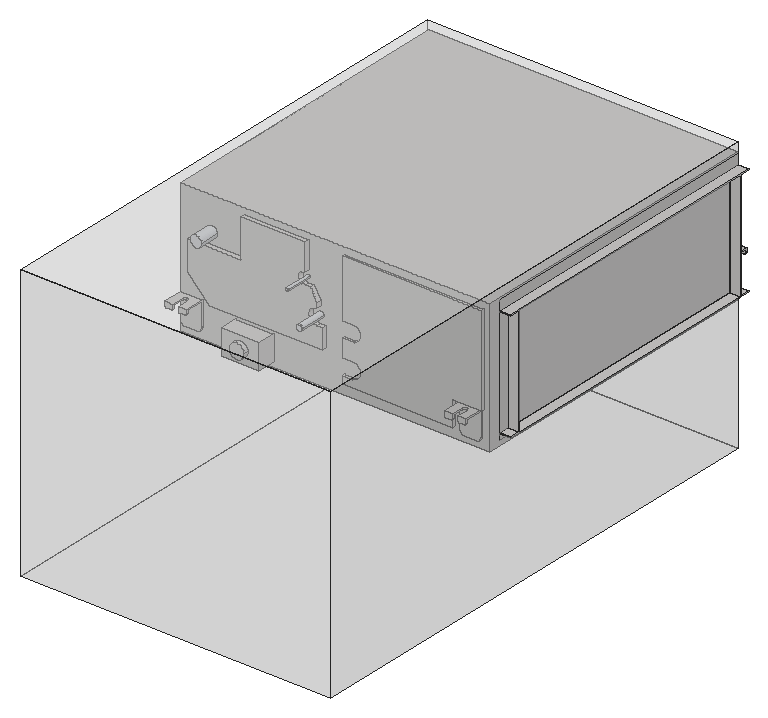
Revit family "outputfile", category 機械設備, Revit 2024
Family settings
  丸型コネクタ寸法 = 半径を使用
  パーツ タイプ = 標準
  OmniClass 番号 = 23.75.10.24.21.27.27
  OmniClass タイトル = Split System Air Conditioning Units
  作業面ベース = いいえ
  常に垂直 = はい
  ロード時にボイドで切り取り = いいえ
  注釈の向きを維持 = いいえ
  共有 = いいえ
  部屋計算ポイント = はい
Parameters (values of type "FXMQ40PAVE")
  Description = ""
  製造元 = "Daikin"
  書き出し IFC クラス(タイプ) = "IfcUnitaryEquipmentType"
  定義済み IFC タイプ(タイプ) = "AIRCONDITIONINGUNIT"
  Cost = 0
  モデル = "FXMQ40PAVE"
  Type Comments = ""
  Keynote = ""
  Type Image = (empty or 0)
  Assembly Code = ""
  r_Liquid Pipe Size = Liquid Pipe Size / 2  # 3.2 mm
  r_Gas Pipe Size = Gas Pipe Size / 2  # 6.35 mm
  r_Drain Pipe Size = Drain Pipe Size / 2  # 12.5 mm
  lw_power = 396.0 mm  # constant formula
  lh_SA = 165.0 mm  # constant formula
  lw_SA = if(Depth = 550.0 mm, 210.0 mm, if(Depth = 700.0 mm, 285.0 mm, if(Depth = 1000.0 mm, 435.0 mm, 635.0 mm)))  # 285.0 mm
  lw_RA = if(Depth = 550.0 mm, 288.0 mm, if(Depth = 700.0 mm, 363.0 mm, if(Depth = 1000.0 mm, 513.0 mm, 713.0 mm)))  # 363.0 mm
  lh_power = 60.0 mm + [h***]  # 60.0 mm
  lh_mountinghole1 = lh_mountinghole + [h***]  # 80.0 mm
  lh_RA = 150.0 mm  # constant formula
  ld_power = Depth / 2  # 350.0 mm
  Voltage_comment_60Hz = "220"
  Voltage_comment_50Hz = "220-240"
  Voltage_60Hz = 220 V
  Voltage_50Hz = 220 V
  URL = ""
  Supply Air Direction [instance] = yes
  Sound Power Level_H speed (dB) = 57
  Phase_60Hz = 1
  Phase_50Hz = 1
  Minimum External Static Pressure = 30.00 Pa
  Minimum Circuit Amps_60Hz = 1.4 A
  Minimum Circuit Amps_50Hz = 1.4 A
  Maximum Fuse Amps_60Hz = 16.0 A
  Maximum Fuse Amps_50Hz = 16.0 A
  Maximum External Static Pressure = 160.00 Pa
  Material_Casing = DAIKIN_GalvanizedSteel_Casing_indoorunit
  lw_mountinghole = 631.0 mm  # constant formula
  lh_gaspipe = 144.0 mm + [h***]  # 144.0 mm
  lh_mountinghole = 80.0 mm  # constant formula
  lh_liquidpipe = 212.0 mm + [h***]  # 212.0 mm
  lh_drainpipe = 232.0 mm + [h***]  # 232.0 mm
  lh_antena = Height - lh_mountinghole + 1.0 mm  # 221.0 mm
  ld_drainpipe = Depth / 2 + 54.0 mm  # 404.0 mm
  ld_liquidpipe = 410.0 mm
  ld_gaspipe = 410.0 mm
  ld_mountinghole = Depth + 38.0 mm  # 738.0 mm
  h*** = 0.0 mm  # constant formula
  lw_liquidpipe = 290.0 mm  # constant formula
  lw_gaspipe = 318.0 mm  # constant formula
  lw_drainpipe = 80.0 mm  # constant formula
  Width = 700.0 mm
  Version = "ver.1.0"
  Unit Type = "Middle-High Static Pressure Duct Type"
  Unit Mass Weight = 27.00 kg
  Unit Designation [instance] = ""
  Uniclass2015Version = "Products v1.30"
  Uniclass2015Title = "Variable refrigerant flow units"
  Uniclass2015Code = "Pr_70_65_03_94"
  Total Heating Capacity [instance] = 0.000 kW
  Total Cooling Capacity [instance] = 0.000 kW
  Sound Pressure Level_M speed (dBA) = 0
  Sound Pressure Level_L speed (dBA) = 35
  Sound Pressure Level_H speed (dBA) = 39
  Series = "VRV Fan Coil Unit"
  Sensible Cooling Capacity [instance] = 0.000 kW
  SA Duct Size Width = if(Depth = 550.0 mm, 310.0 mm, if(Depth = 700.0 mm, 460.0 mm, if(Depth = 1000.0 mm, 760.0 mm, 1160.0 mm)))  # 460.0 mm
  SA Duct Size Height = 215.0 mm
  Refrigerant Type = "R410A"
  RA Duct Size Width = if(Depth = 550.0 mm, 475.0 mm, if(Depth = 700.0 mm, 625.0 mm, if(Depth = 1000.0 mm, 925.0 mm, 1325.0 mm)))  # 625.0 mm
  RA Duct Size Height = 247.0 mm
  Power Input (Heating) = 0.182 kW
  Power Input (Cooling) = 0.194 kW
  Option Accessory 3 [instance] = ""
  Option Accessory 2 [instance] = ""
  Option Accessory 1 [instance] = ""
  Nominal Heating Capacity = 5.000 kW
  Nominal Cooling Capacity = 4.500 kW
  Minimum Airflow = 660.00 m³/h
  Median Airflow = 780.00 m³/h
  Maximum Airflow = 960.00 m³/h
  Load Classification = HVAC
  Liquid Pipe Size = 6.4 mm
  Link_Nested Family [instance] = ""
  IfcVersion = "0"
  IfcExportType = "AIRCONDITIONINGUNIT"
  IfcExportAs = "IfcUnitaryEquipmentType"
  Height = 300.0 mm
  Heating Entering Wet Bulb Temperature [instance] = 0.00 °C
  Heating Entering Dry Bulb Temperature [instance] = 0.00 °C
  Heating Ambient Wet Bulb Temperature [instance] = 0.00 °C
  Heating Ambient Dry Bulb Temperature [instance] = 0.00 °C
  Heat Exchanger Type = "Cross Fin Coil"
  Gas Pipe Size = 12.7 mm
  Frequency_60Hz = 60 Hz
  Frequency_50Hz = 50 Hz
  Fan Type = "Sirocco Fan"
  Fan Drive = "Direct Drive"
  FCU Tag No. [instance] = ""
  Drain Pipe Size = 25.0 mm
  Design Supply Airflow [instance] = 0.00 m³/h
  Design Return Airflow [instance] = 0.00 m³/h
  Design External Static Pressure [instance] = 0.00 Pa
  Depth = 700.0 mm
  既定の高さ = 0.0 mm
  Cooling Entering Wet Bulb Temperature [instance] = 0.00 °C
  Cooling Entering Dry Bulb Temperature [instance] = 0.00 °C
  Cooling Ambient Wet Bulb Temperature [instance] = 0.00 °C
  Cooling Ambient Dry Bulb Temperature [instance] = 0.00 °C
  Clearance visibility [instance] = yes
  Clearance Top = 20.0 mm
  Clearance Right = 0.0 mm
  Clearance Rear = 0.0 mm
  Clearance Left = 0.0 mm
  Clearance Front = 450.0 mm
  Clearance Bottom = 300.0 mm
Reference planes
  plane 1 "Center (Front/Back)": y = 0
  plane 2 "h": z = 0
  plane 3 "Center (Left/Right)": x = 0
  plane 4 "Back": y = 350
  plane 5 "Front": y = -350
  plane 6 "Left": x = -350
  plane 7 "Reight": x = 350
  plane 8 "Top": z = 0
  plane 9 "Bottom": z = -300
  plane 10: y = -215
  plane 11: y = 350
  plane 12: y = -800
  plane 13: x = -350
  plane 14: x = 350
  plane 15: z = 20
  plane 16: z = -600
  plane 17: x = -350
  plane 18: z = -135
  plane 19: x = -349
  plane 20: x = 349
  plane 21: y = 65
  plane 22: y = 13
  plane 23: z = -150
  plane 24: y = -360.8
  plane 25: z = -14
  plane 26: z = -219
  plane 27: x = -324
  plane 28: x = -60
  plane 29: x = -20
  plane 30: z = -156
  plane 31: x = -32
  plane 32: z = -88
  plane 33: x = 23
  plane 34: x = 335
  plane 35: z = -15.8
  plane 36: z = -274.8
  plane 37: z = -219.8
  plane 38: x = 271
  plane 39: x = -223.3
  plane 40: x = -138.3
  plane 41: z = -232.7
  plane 42: z = -288.5
  plane 43: y = -391
  plane 44: x = -181
  plane 45: z = -260
  plane 46: y = -401
  plane 47: z = -163.8
  plane 48: z = -239.8
  plane 49: x = 46
  plane 50: z = -88
  plane 51: x = -60
  plane 52: y = -410
  plane 53: z = -156
  plane 54: x = -32
  plane 55: y = -404
  plane 56: z = -68
  plane 57: x = -270
  plane 58: x = -270
  plane 59: x = -60
  plane 60: x = -32
  plane 61: x = 46
  plane 62: x = -323
  plane 63: x = 308
  plane 64: y = -369
  plane 65: y = 369
  plane 66: z = -220
  plane 67: y = -356
  plane 68: x = -204
  plane 69: z = -100.2
  plane 70: x = -374
  plane 71: x = 374
Forms (mm)
  Extrusion 1, solid, material "DAIKIN_GalvanizedSteel_Casing_indoorunit" <- "Material_Casing"
    sketch origin (0, 0, 0) x (1, 0, 0) y (0, 1, 0)
      loop
        line (-349, 350) -> (-349, -350) -> (349, -350) -> (349, 350) -> (-349, 350)
    from -300 to 0
  Extrusion 2, solid, material "DAIKIN_GalvanizedSteel_Casing_indoorunit" <- "Material_Casing"
    sketch origin (0, 0, 0) x (1, 0, 0) y (0, 0, 1)
      loop
        line (-324, -100.2) -> (-324, -168) -> (-273, -219) -> (-20, -219) -> (-20, -173.5) -> (-32, -173.5)
        arc (-32, -173.5) -> (-49.5, -156) -> (-32, -138.5) r 17.5
        line (-32, -138.5) -> (-32, -127.5) -> (-47, -101) -> (-60, -101)
        arc (-60, -101) -> (-73, -88) -> (-60, -75) r 13
        line (-60, -75) -> (-60, -14) -> (-204, -14) -> (-204, -100.2) -> (-324, -100.2)
    from 350 to 360.8
  Extrusion 3, solid, material "DAIKIN_GalvanizedSteel_Casing_indoorunit" <- "Material_Casing"
    sketch origin (0, 0, 0) x (1, 0, 0) y (0, 0, 1)
      loop
        line (23, -274.8) -> (271, -274.8) -> (271, -219.8) -> (335, -219.8) -> (335, -15.8) -> (23, -15.8) -> (23, -146.3) -> (46, -146.3)
        arc (46, -146.3) -> (63.5, -163.8) -> (46, -181.3) r 17.5
        line (46, -181.3) -> (23, -181.3) -> (23, -222.3) -> (46, -222.3)
        arc (46, -222.3) -> (63.5, -239.8) -> (46, -257.3) r 17.5
        line (46, -257.3) -> (23, -257.3) -> (23, -274.8)
    from 350 to 356
  Extrusion 4, solid, material "DAIKIN_GalvanizedSteel_Casing_indoorunit" <- "Material_Casing"
    sketch origin (0, 0, 0) x (1, 0, 0) y (0, 0, 1)
      loop
        line (-223.3, -232.7) -> (-223.3, -288.5) -> (-138.3, -288.5) -> (-138.3, -232.7) -> (-223.3, -232.7)
    from 350 to 391
  Extrusion 5, solid, material "DAIKIN_GalvanizedSteel_Casing_indoorunit" <- "Material_Casing"
    sketch origin (0, 0, 0) x (1, 0, 0) y (0, 0, 1)
      loop
        circle (-181, -260) r 16.5
    from 391 to 401
  Extrusion 6, solid
    sketch origin (0, 0, 0) x (1, 0, 0) y (0, 0, 1)
      loop
        circle (-60, -88) r 3.2
    from 350 to 410
  Extrusion 7, solid
    sketch origin (0, 0, 0) x (1, 0, 0) y (0, 0, 1)
      loop
        circle (-32, -156) r 6.35
    from 350 to 410
  Extrusion 8, solid
    sketch origin (0, 0, 0) x (1, 0, 0) y (0, 0, 1)
      loop
        circle (-270, -68) r 12.5
    from 360.8 to 404
Dimensions and locks
  "Height": plane 8 "Top" to plane 9 "Bottom"
  equal spacing: plane 4 "Back", plane 1 "Center (Front/Back)", plane 5 "Front"
  "Depth": plane 4 "Back" to plane 5 "Front"
  equal spacing: plane 6 "Left", plane 3 "Center (Left/Right)", plane 7 "Reight"
  "Width": plane 6 "Left" to plane 7 "Reight"
  "Clearance Left": plane 13 to plane 6 "Left"
  "Clearance Right": plane 7 "Reight" to plane 14
  "Clearance Rear": plane 11 to plane 4 "Back"
  "Clearance Front": plane 5 "Front" to plane 12
  "Clearance Top": plane 15 to plane 8 "Top"
  "Clearance Bottom": plane 9 "Bottom" to plane 16
  "lh_SA": plane 18 to plane 9 "Bottom"
  locked: plane 17 to plane 19 at 1
  locked: plane 20 to plane 14 at 1
  "lw_SA": plane 11 to plane 21
  "lw_RA": plane 22 to plane 5 "Front"
  "lh_RA": plane 23 to plane 9 "Bottom"
  locked: plane 5 "Front" to plane 24 at 10.8
  plane 29 to plane 28 to plane 27 to plane 6 "Left" = 40.0 mm, 264.0 mm, 26.0 mm
  locked: plane 31 to plane 6 "Left" at 318
  plane 34 to plane 33 to plane 6 "Left" = 312.0 mm locked, 373.0 mm locked
  locked: plane 34 to plane 38 at 64
  locked: plane 37 to plane 36 at 55
  plane 40 to plane 39 to plane 6 "Left" = 85.0 mm locked, 126.7 mm locked
  locked: plane 5 "Front" to plane 43 at 41
  locked: plane 44 to plane 6 "Left" at 169
  locked: plane 43 to plane 46 at 10
  plane 47 to plane 48 to plane 36 = 76.0 mm locked, 35.0 mm locked
  locked: plane 49 to plane 33 at 23
  "lw_liquidpipe": plane 51 to plane 6 "Left"
  "lh_liquidpipe": plane 50 to plane 9 "Bottom"
  "lh_gaspipe": plane 53 to plane 9 "Bottom"
  "lw_gaspipe": plane 54 to plane 6 "Left"
  "ld_gaspipe": plane 52 to plane 1 "Center (Front/Back)"
  "ld_drainpipe": plane 55 to plane 1 "Center (Front/Back)"
  "lh_drainpipe": plane 56 to plane 9 "Bottom"
  "lw_drainpipe": plane 57 to plane 6 "Left"
  "lw_drainpipe": plane 6 "Left" to plane 58
  "lw_liquidpipe": plane 6 "Left" to plane 59
  "lw_gaspipe": plane 6 "Left" to plane 60
  "lw_power": plane 6 "Left" to plane 61
  plane 17 to plane 62 = 27.0 mm
  "lw_mountinghole": plane 62 to plane 63
  equal spacing: plane 64, plane 1 "Center (Front/Back)", plane 65
  "ld_mountinghole": plane 65 to plane 64
  "lh_mountinghole": plane 66 to plane 9 "Bottom"
  plane 8 "Top" to plane 41 to plane 42 = 232.7 mm locked, 55.8 mm locked
  locked: plane 8 "Top" to plane 45 at 260
  plane 8 "Top" to plane 25 to plane 26 = 14.0 mm locked, 205.0 mm locked
  plane 8 "Top" to plane 32 to plane 30 = 88.0 mm locked, 68.0 mm locked
  plane 8 "Top" to plane 35 to plane 36 = 15.8 mm locked, 259.0 mm locked
  locked: plane 5 "Front" to plane 67 at 6
  locked: plane 25 to plane 69 at 86.2
  locked: plane 27 to plane 68 at 120
  locked: plane 70 to plane 6 "Left" at 24
  locked: plane 14 to plane 71 at 24
  "r_Liquid Pipe Size": radius of Extrusion 6 sketch curve
  "r_Gas Pipe Size": radius of Extrusion 7 sketch curve
  "r_Drain Pipe Size": radius of Extrusion 8 sketch curve
  aligned and locked: level to plane 2 "h"
  aligned and locked: plane 8 "Top" to Extrusion 1
  aligned and locked: Extrusion 1 to plane 9 "Bottom"
  aligned and locked: nested 5 to plane 12
  aligned and locked: plane 13 to nested 5
  aligned and locked: plane 14 to nested 5
  aligned and locked: nested 5 to plane 13
  aligned and locked: plane 11 to nested 5
  aligned and locked: plane 15 to nested 5
  aligned and locked: plane 16 to nested 5
  aligned and locked: plane 5 "Front" to Extrusion 1 sketch curve
  aligned and locked: Extrusion 1 to plane 19
  aligned and locked: plane 20 to Extrusion 1
  aligned and locked: nested 7 to plane 19
  aligned and locked: nested 7 to plane 21
  aligned and locked: plane 18 to nested 7
  aligned and locked: plane 20 to nested 8
  aligned and locked: plane 22 to nested 8
  aligned and locked: plane 23 to nested 8
  aligned and locked: Extrusion 2 to plane 24
  aligned and locked: plane 5 "Front" to Extrusion 2
  aligned and locked: plane 36 to Extrusion 3 sketch curve
  aligned and locked: plane 38 to Extrusion 3 sketch curve
  aligned and locked: plane 37 to Extrusion 3 sketch curve
  aligned and locked: Extrusion 3 sketch curve to plane 34
  aligned and locked: Extrusion 3 sketch curve to plane 35
  aligned and locked: Extrusion 3 sketch curve to plane 33
  aligned and locked: plane 5 "Front" to Extrusion 3
  aligned and locked: Extrusion 4 sketch curve to plane 41
  aligned and locked: Extrusion 4 sketch curve to plane 39
  aligned and locked: plane 42 to Extrusion 4 sketch curve
  aligned and locked: plane 40 to Extrusion 4 sketch curve
  aligned and locked: Extrusion 4 to plane 43
  aligned and locked: plane 5 "Front" to Extrusion 4
  aligned and locked: Extrusion 5 sketch curve to plane 44
  aligned and locked: plane 45 to Extrusion 5 sketch curve
  aligned and locked: Extrusion 5 to plane 46
  aligned and locked: plane 43 to Extrusion 5
  aligned and locked: Extrusion 6 sketch curve to plane 51
  aligned and locked: plane 50 to Extrusion 6 sketch curve
  aligned and locked: Extrusion 6 to plane 52
  aligned and locked: plane 5 "Front" to Extrusion 6
  aligned and locked: Extrusion 7 sketch curve to plane 54
  aligned and locked: plane 53 to Extrusion 7 sketch curve
  aligned and locked: Extrusion 7 to Extrusion 6
  aligned and locked: plane 5 "Front" to Extrusion 7
  aligned and locked: Extrusion 8 sketch curve to plane 57
  aligned and locked: plane 56 to Extrusion 8 sketch curve
  aligned and locked: Extrusion 8 to plane 55
  aligned and locked: plane 24 to Extrusion 8
  aligned and locked: nested 3 to plane 55
  aligned and locked: plane 58 to nested 3
  aligned and locked: nested 2 to plane 59
  aligned and locked: nested 2 to plane 52
  aligned and locked: nested 1 to plane 60
  aligned and locked: Extrusion 7 to plane 52
  aligned and locked: nested 1 to plane 52
  aligned and locked: nested 6 to plane 5 "Front"
  aligned and locked: nested 6 to plane 61
  aligned and locked: plane 62 to nested 10
  aligned and locked: nested 10 to plane 5 "Front"
  aligned and locked: plane 63 to nested 9
  aligned and locked: nested 9 to plane 5 "Front"
  aligned and locked: nested 11 to plane 62
  aligned and locked: plane 4 "Back" to nested 11
  aligned and locked: nested 12 to plane 63
  aligned and locked: plane 4 "Back" to nested 12
  aligned and locked: plane 66 to nested 10
  aligned and locked: plane 66 to nested 11
  aligned and locked: plane 66 to nested 9
  aligned and locked: plane 66 to nested 12
  aligned and locked: plane 62 to nested 14
  aligned and locked: nested 14 to plane 65
  aligned and locked: plane 63 to nested 13
  aligned and locked: nested 13 to plane 65
  aligned and locked: plane 63 to nested 16
  aligned and locked: plane 64 to nested 16
  aligned and locked: plane 64 to nested 15
  aligned and locked: plane 62 to nested 15
  aligned and locked: Extrusion 3 to plane 67
  aligned and locked: Extrusion 2 sketch curve to plane 68
  aligned and locked: plane 69 to Extrusion 2 sketch curve
  aligned and locked: nested 17 to plane 21
  aligned and locked: nested 17 to plane 70
  aligned and locked: plane 18 to nested 17
  aligned and locked: plane 22 to nested 18
  aligned and locked: plane 71 to nested 18
  aligned and locked: nested 18 to plane 23
  aligned and locked: nested 4 to plane 3 "Center (Left/Right)"
  aligned and locked: plane 1 "Center (Front/Back)" to nested 4
  aligned and locked: level to plane 8 "Top"
Automatic sketch dimensions
  plane 6 "Left" to Extrusion 1 sketch curve = 1.0 mm
  Extrusion 1 sketch curve to plane 7 "Reight" = 1.0 mm
  Extrusion 1 sketch curve to plane 4 "Back" = 0.0 mm
  Extrusion 3 sketch curve to plane 33 = 0.0 mm  (x2)
  Extrusion 3 sketch curve to plane 47 = 0.0 mm
  Extrusion 3 sketch curve to plane 49 = 0.0 mm  (x4)
  Extrusion 3 sketch curve to plane 48 = 0.0 mm
  Extrusion 3 sketch curve to plane 37 = 2.5 mm
  plane 23 to Extrusion 3 sketch curve = 3.7 mm
  plane 27 to Extrusion 2 sketch curve = 0.0 mm
  Extrusion 2 sketch curve to plane 26 = 0.0 mm
  Extrusion 2 sketch curve to plane 28 = 0.0 mm
  Extrusion 2 sketch curve to plane 31 = 0.0 mm
  Extrusion 2 sketch curve to plane 29 = 0.0 mm
  Extrusion 2 sketch curve to plane 30 = 0.0 mm
  Extrusion 2 sketch curve to plane 32 = 0.0 mm
  Extrusion 2 sketch curve to plane 25 = 0.0 mm
  Extrusion 2 sketch curve to Extrusion 2 sketch curve = 13.0 mm
  Extrusion 2 sketch curve to Extrusion 2 sketch curve = 17.5 mm
  plane 18 to Extrusion 2 sketch curve = 7.5 mm
  Extrusion 2 sketch curve to plane 58 = 3.0 mm
  Extrusion 2 sketch curve to plane 30 = 12.0 mm
  Extrusion 2 sketch curve to Extrusion 2 sketch curve = 0.8 mm
  radius of Extrusion 5 sketch curve = 16.5 mm
Nested families
  nested 1: "daikin_connector_rotate2" at (-32, 0, -156), length <- "ld_gaspipe", built-in parameter 1001364 <- "lh_gaspipe", radius <- "r_Gas Pipe Size", type "daikin_connector_rotate2"
    with radius 6.35 mm, length 410.0 mm, angle_vertical 90.00°
  nested 2: "daikin_connector_rotate2" at (-60, 0, -88), length <- "ld_liquidpipe", built-in parameter 1001364 <- "lh_liquidpipe", radius <- "r_Liquid Pipe Size", type "daikin_connector_rotate2"
    with radius 3.2 mm, length 410.0 mm, angle_vertical 90.00°
  nested 3: "daikin_connector_rotate2" at (-270, 0, -68), length <- "ld_drainpipe", built-in parameter 1001364 <- "lh_drainpipe", radius <- "r_Drain Pipe Size", type "daikin_connector_rotate2"
    with radius 12.5 mm, length 404.0 mm, angle_vertical 90.00°
  nested 4: "daikin_△_symbolicline" at (0, 0, 300) x (0, -1, 0) z (0, 0, 1), built-in parameter 1001364 <- "Height", visible <- "Supply Air Direction", type "daikin_△_symbolicline"
    with length 200.0 mm
  nested 5: "daikin_clearancespace" at (0, -225, -289.881), visible <- "Clearance visibility", show <- "Clearance visibility", Link_Nested Family <- "Link_Nested Family", type "daikin_clearancespace"
    with width 700.0 mm, show yes, height 620.0 mm, depth 1150.0 mm, Link_Nested Family ""
  nested 6: "daikin_connector_rotate2" at (46, 0, -240), built-in parameter 1001364 <- "lh_power", length <- "ld_power", type "daikin_connector_rotate2"
    with radius 10.0 mm, length 350.0 mm, angle_vertical 90.00°
  nested 7: "daikin_ductflange_FXMQ-PAVE2" at (-349, 65, -135) x (0, -1, 0) z (0, 0, 1), type "daikin_ductflange_FXMQ-PAVE2"
    with width 460.0 mm, w 700.0 mm
  nested 8: "daikin_ductflange_FXMQ-PAVE" at (349, 13, -150) x (0, 1, 0) z (0, 0, 1), type "daikin_ductflange_FXMQ-PAVE"
    with width 625.0 mm, w 700.0 mm
  nested 9: "daikin_hangerfixture_FXMQ-PAVE" at (308, -350, -220), type "daikin_hangerfixture_FXMQ-PAVE"
  nested 10: "daikin_hangerfixture_FXMQ-PAVE" at (-323, -350, -220), type "daikin_hangerfixture_FXMQ-PAVE"
  nested 11: "daikin_hangerfixture_FXMQ-PAVE" at (-323, 350, -220) x (-1, 0, 0) z (0, 0, 1), type "daikin_hangerfixture_FXMQ-PAVE"
  nested 12: "daikin_hangerfixture_FXMQ-PAVE" at (308, 350, -220) x (-1, 0, 0) z (0, 0, 1), type "daikin_hangerfixture_FXMQ-PAVE"
  nested 13: "daikin_mountinghole" at (308, 369, -300), h_mountinghole <- "lh_mountinghole1", l_antenna <- "lh_antena", Link_Nested Family <- "Link_Nested Family", type "daikin_mountinghole"
    with show yes, l_antenna 221.0 mm, h_mountinghole 80.0 mm, Link_Nested Family ""
  nested 14: "daikin_mountinghole" at (-323, 369, -300), h_mountinghole <- "lh_mountinghole1", l_antenna <- "lh_antena", Link_Nested Family <- "Link_Nested Family", type "daikin_mountinghole"
    with show yes, l_antenna 221.0 mm, h_mountinghole 80.0 mm, Link_Nested Family ""
  nested 15: "daikin_mountinghole" at (-323, -369, -300), h_mountinghole <- "lh_mountinghole1", l_antenna <- "lh_antena", Link_Nested Family <- "Link_Nested Family", type "daikin_mountinghole"
    with show yes, l_antenna 221.0 mm, h_mountinghole 80.0 mm, Link_Nested Family ""
  nested 16: "daikin_mountinghole" at (308, -369, -300), h_mountinghole <- "lh_mountinghole1", l_antenna <- "lh_antena", Link_Nested Family <- "Link_Nested Family", type "daikin_mountinghole"
    with show yes, l_antenna 221.0 mm, h_mountinghole 80.0 mm, Link_Nested Family ""
  nested 17: "daikin_connector_rotate2" at (-350, 65, -135) x (0, -1, 0) z (0, 0, 1), type "daikin_connector_rotate2"
    with radius 10.0 mm, length 24.0 mm, angle_vertical 90.00°
  nested 18: "daikin_connector_rotate2" at (350, 13, -150) x (0, 1, 0) z (0, 0, 1), type "daikin_connector_rotate2"
    with radius 10.0 mm, length 24.0 mm, angle_vertical 90.00°
Connectors
  piping at (-270, -404, -68), diameter 25, driven by "r_Drain Pipe Size"
    settings: on nested 3, index 3, connector inside diameter 609.6 mm, connector length 0.0 mm, flow factor 0, pipe flow 0.00 m³/h, pressure drop 0.0 Pa, fitting loss kfactor 0, connector angle 0.00°, fixture units 0, engagement length 0.0 mm, angle of deflection 0.00°, flow configuration 1, flow direction 2, fitting loss method 4, system type 16, joint type 0, gender type 0, connector reference index -1, connector utility 0, adjustable connector no, is connector primary yes, connector description "Condensate Drain Piping"
  piping at (-32, -410, -156), diameter 12.7, driven by "r_Gas Pipe Size"
    settings: on nested 1, index 4, connector inside diameter 609.6 mm, connector length 0.0 mm, flow factor 0, pipe flow 0.00 m³/h, pressure drop 0.0 Pa, fitting loss kfactor 0, connector angle 0.00°, fixture units 0, engagement length 0.0 mm, angle of deflection 0.00°, flow configuration 1, flow direction 2, fitting loss method 0, system type 29, joint type 0, gender type 0, connector reference index -1, connector utility 0, adjustable connector no, is connector primary no, connector description "Refrigerant Gas Piping"
  piping at (-60, -410, -88), diameter 6.4, driven by "r_Liquid Pipe Size"
    settings: on nested 2, index 5, connector inside diameter 609.6 mm, connector length 0.0 mm, flow factor 0, pipe flow 0.00 m³/h, pressure drop 0.0 Pa, fitting loss kfactor 0, connector angle 0.00°, fixture units 0, engagement length 0.0 mm, angle of deflection 0.00°, flow configuration 1, flow direction 1, fitting loss method 0, system type 29, joint type 0, gender type 0, connector reference index -1, connector utility 0, adjustable connector no, is connector primary no, connector description "Refrigerant Liquid Piping"
  electrical at (46, -350, -240), driven by "Load Classification"
    settings: on nested 6, index 6, voltage 0 V, apparent load 0 VA, apparent load phase1 0 VA, apparent load phase2 0 VA, apparent load phase3 0 VA, power factor 1, load classification "HVAC", number of poles 1, system type 30, power factor state 1, is connector primary yes, connector utility no, sub classification motor no, connector description "Power Supply"
  hvac at (-374, 65, -135), driven by "SA Duct Size Height", driven by "SA Duct Size Width"
    settings: on nested 17, index 7, duct flow 0.00 m³/h, flow factor 0, pres drop 0.00 Pa, loss coef 0, conn angle 0.00°, conn width 460.0 mm, conn height 215.0 mm, conn diameter 609.6 mm, duct sys type 1, conn prof type 1, flow config 0, flow direction 2, loss method 4, conn ref index -1, conn util no, is conn primary yes, conn desc "SA Duct"
  hvac at (374, 13, -150), driven by "RA Duct Size Height", driven by "RA Duct Size Width"
    settings: on nested 18, index 8, duct flow 0.00 m³/h, flow factor 0, pres drop 0.00 Pa, loss coef 0, conn angle 0.00°, conn width 625.0 mm, conn height 247.0 mm, conn diameter 609.6 mm, duct sys type 2, conn prof type 1, flow config 0, flow direction 1, loss method 4, conn ref index -1, conn util no, is conn primary no, conn desc "RA Duct"
Definition of nested family "daikin_clearancespace"
  Parameters (values of type "daikin_clearancespace")
    width [instance] = 1823.963 mm
    show [instance] = yes
    material = none
    height [instance] = 1359.762 mm
    depth [instance] = 880.0 mm
    Default Elevation = 0.0 mm
    Link_Nested Family [instance] = ""
  Reference planes
    plane 1 "Center (Front/Back)": y = 0
    plane 2 "Center (Elevation)": z = -0.119
    plane 3 "Center (Left/Right)": x = 0
    plane 4: y = 440
    plane 5: y = -440
    plane 6 "Right": x = 911.982
    plane 7 "Left": x = -911.982
    plane 8 "Top": z = 679.762
    plane 9 "Bottom": z = -680
  Forms (mm)
    Extrusion 1, solid, material <- "material", visible <- "show"
      sketch origin (0, 0, 0) x (1, 0, 0) y (0, 1, 0)
        loop
          line (-911.982, 440) -> (-911.982, -440) -> (911.982, -440) -> (911.982, 440) -> (-911.982, 440)
      from -680 to 679.762
  Lines and regions (mm)
    symbolic lines, visible <- "show"
      curve 1: line (911.982, 440, 0) -> (-911.982, 440, 0)
      curve 2: line (-911.982, 440, 0) -> (-911.982, -440, 0)
      curve 3: line (-911.982, -440, 0) -> (911.982, -440, 0)
      curve 4: line (911.982, -440, 0) -> (911.982, 440, 0)
      curve 5: line (911.982, 0, 679.762) -> (-911.982, 0, 679.762)
      curve 6: line (911.982, 0, -680) -> (911.982, 0, 679.762)
      curve 7: line (-911.982, 0, -680) -> (911.982, 0, -680)
      curve 8: line (-911.982, 0, 679.762) -> (-911.982, 0, -680)
      curve 9: line (0, 440, 679.762) -> (0, -440, 679.762)
      curve 10: line (0, -440, 679.762) -> (0, -440, -680)
      curve 11: line (0, 440, -680) -> (0, 440, 679.762)
      curve 12: line (0, -440, -680) -> (0, 440, -680)
  Dimensions and locks
    "width": plane 7 "Left" to plane 6 "Right"
    "depth": plane 4 to plane 5
    "height": plane 8 "Top" to plane 9 "Bottom"
    equal spacing: plane 7 "Left", plane 3 "Center (Left/Right)", plane 6 "Right"
    equal spacing: plane 4, plane 1 "Center (Front/Back)", plane 5
    equal spacing: plane 8 "Top", plane 2 "Center (Elevation)", plane 9 "Bottom"
    aligned and locked: level to plane 2 "Center (Elevation)"
    aligned and locked: Extrusion 1 sketch curve to plane 4
    aligned and locked: plane 7 "Left" to Extrusion 1 sketch curve
    aligned and locked: Extrusion 1 sketch curve to plane 5
    aligned and locked: Extrusion 1 sketch curve to plane 6 "Right"
    aligned and locked: plane 8 "Top" to Extrusion 1
    aligned and locked: curve 1 to Extrusion 1
    aligned and locked: curve 2 to Extrusion 1
    aligned and locked: curve 3 to Extrusion 1
    aligned and locked: curve 4 to Extrusion 1
    aligned and locked: curve 5 to Extrusion 1
    aligned and locked: curve 6 to Extrusion 1
    aligned and locked: curve 7 to Extrusion 1
    aligned and locked: curve 8 to Extrusion 1
    aligned and locked: curve 9 to Extrusion 1
    aligned and locked: curve 10 to Extrusion 1
    aligned and locked: curve 11 to Extrusion 1
    aligned and locked: curve 12 to Extrusion 1
    aligned and locked: Extrusion 1 to plane 9 "Bottom"
Definition of nested family "daikin_ductflange_FXMQ-PAVE2"
  Parameters (values of type "daikin_ductflange_FXDSQ-AVM2")
    width = if(w = 550.0 mm, 310.0 mm, if(w = 700.0 mm, 460.0 mm, if(w = 1000.0 mm, 760.0 mm, 1160.0 mm)))  # 310.0 mm
    material = none
    height = 215.0 mm
    depth = 1.0 mm
    w = 550.0 mm
    Default Elevation = 0.0 mm
  Reference planes
    plane 1 "Center (Front/Back)": y = 0
    plane 2: z = 0
    plane 3 "Center (Left/Right)": x = 0
    plane 4: z = 107.5
    plane 5: z = -107.5
    plane 6: y = -25
    plane 7: z = 132.5
    plane 8: z = 108.5
    plane 9: y = -1
    plane 10: x = -177.5
    plane 11: x = 177.5
    plane 12: z = -132.5
    plane 13: z = -108.5
    plane 14: y = -1
    plane 15: x = 155
    plane 16: x = -155
    plane 17: x = 156
    plane 18: z = 106.5
    plane 19: z = -106.5
    plane 20: x = -156
    plane 21: z = 106.5
    plane 22: z = -106.5
    plane 23: y = -1
  Forms (mm)
    Extrusion 1, solid, material <- "material"
      sketch origin (0, 0, 0) x (0, 1, 0) y (0, 0, 1)
        loop
          line (-25, 107.5) -> (0, 107.5) -> (0, 132.5) -> (-1, 132.5) -> (-1, 108.5) -> (-25, 108.5) -> (-25, 107.5)
      from -177.5 to 177.5
    Extrusion 2, solid, material <- "material"
      sketch origin (0, 0, 0) x (0, 1, 0) y (0, 0, 1)
        loop
          line (-25, -107.5) -> (-25, -108.5) -> (-1, -108.5) -> (-1, -132.5) -> (0, -132.5) -> (0, -107.5) -> (-25, -107.5)
      from -177.5 to 177.5
    Extrusion 3, solid, material <- "material"
      sketch origin (0, 0, 0) x (1, 0, 0) y (0, 0, 1)
        loop
          line (155, 107.5) -> (155, -107.5) -> (177.5, -107.5) -> (177.5, -106.5) -> (156, -106.5) -> (156, 106.5) -> (177.5, 106.5) -> (177.5, 107.5) -> (155, 107.5)
      from 0 to 25
    Extrusion 4, solid, material <- "material"
      sketch origin (0, 0, 0) x (1, 0, 0) y (0, 0, 1)
        loop
          line (-177.5, 107.5) -> (-177.5, 106.5) -> (-156, 106.5) -> (-156, -106.5) -> (-177.5, -106.5) -> (-177.5, -107.5) -> (-155, -107.5) -> (-155, 107.5) -> (-177.5, 107.5)
      from 0 to 25
    Extrusion 5, solid, material <- "material"
      sketch origin (0, 0, 0) x (1, 0, 0) y (0, 0, 1)
        loop
          line (-177.5, 107.5) -> (-177.5, -107.5) -> (-155, -107.5) -> (-155, 107.5) -> (-177.5, 107.5)
        loop
          line (177.5, 107.5) -> (155, 107.5) -> (155, -107.5) -> (177.5, -107.5) -> (177.5, 107.5)
      from 0 to 1
  Cuts and joins
    joined: Extrusion 1, Extrusion 2, Extrusion 3, Extrusion 4, Extrusion 5
  Dimensions and locks
    plane 4 to level to plane 5 = 107.5 mm locked, 107.5 mm locked
    locked: plane 6 to plane 1 "Center (Front/Back)" at 25
    locked: plane 9 to plane 1 "Center (Front/Back)" at 1
    locked: plane 8 to plane 4 at 1
    locked: plane 11 to plane 15 at 22.5
    locked: plane 16 to plane 10 at 22.5
    locked: plane 17 to plane 15 at 1
    locked: plane 4 to plane 18 at 1
    locked: plane 19 to plane 5 at 1
    "width": plane 15 to plane 16
    plane 4 to plane 5 = 215.0 mm
    equal spacing: plane 15, plane 3 "Center (Left/Right)", plane 16
    locked: plane 16 to plane 20 at 1
    locked: plane 4 to plane 21 at 1
    locked: plane 22 to plane 5 at 1
    locked: plane 23 to plane 1 "Center (Front/Back)" at 1
    aligned and locked: level to plane 2
    aligned and locked: Extrusion 1 to plane 10
    aligned and locked: plane 11 to Extrusion 1
    aligned and locked: plane 5 to Extrusion 2
    aligned and locked: Extrusion 2 to plane 1 "Center (Front/Back)"
    aligned and locked: plane 15 to Extrusion 3 sketch curve
    aligned and locked: Extrusion 3 sketch curve to Extrusion 2  (x2)
    aligned and locked: Extrusion 3 sketch curve to plane 11
    aligned and locked: plane 6 to Extrusion 3
    aligned and locked: Extrusion 2 to plane 10
    aligned and locked: plane 11 to Extrusion 2
    aligned and locked: Extrusion 4 sketch curve to Extrusion 1  (x2)
    aligned and locked: plane 5 to Extrusion 4 sketch curve
    aligned and locked: Extrusion 4 sketch curve to plane 16
    aligned and locked: Extrusion 4 sketch curve to plane 22
    aligned and locked: plane 20 to Extrusion 4 sketch curve
    aligned and locked: plane 21 to Extrusion 4 sketch curve
    aligned and locked: Extrusion 4 to plane 1 "Center (Front/Back)"
    aligned and locked: plane 6 to Extrusion 4
    aligned and locked: Extrusion 5 sketch curve to Extrusion 1  (x4)
    aligned and locked: Extrusion 5 sketch curve to Extrusion 4  (x2)
    aligned and locked: Extrusion 5 sketch curve to Extrusion 3  (x2)
    aligned and locked: Extrusion 5 to plane 1 "Center (Front/Back)"
    aligned and locked: plane 23 to Extrusion 5
  Automatic sketch dimensions
    Extrusion 1 sketch curve to plane 6 = 0.0 mm
    Extrusion 1 sketch curve to plane 7 = 0.0 mm
    Extrusion 1 sketch curve to plane 9 = 0.0 mm
    Extrusion 1 sketch curve to plane 1 "Center (Front/Back)" = 0.0 mm
    Extrusion 1 sketch curve to plane 4 = 0.0 mm
    Extrusion 1 sketch curve to plane 8 = 0.0 mm
    Extrusion 2 sketch curve to plane 6 = 0.0 mm
    plane 12 to Extrusion 2 sketch curve = 0.0 mm
    Extrusion 2 sketch curve to plane 14 = 0.0 mm
    Extrusion 2 sketch curve to plane 1 "Center (Front/Back)" = 0.0 mm
    plane 13 to Extrusion 2 sketch curve = 0.0 mm
    Extrusion 2 sketch curve to plane 5 = 0.0 mm
    Extrusion 3 sketch curve to plane 17 = 0.0 mm
    Extrusion 3 sketch curve to plane 19 = 0.0 mm
    Extrusion 3 sketch curve to plane 18 = 0.0 mm
    Extrusion 3 sketch curve to plane 4 = 0.0 mm
    Extrusion 4 sketch curve to plane 10 = 0.0 mm
Definition of nested family "daikin_ductflange_FXMQ-PAVE"
  Parameters (values of type "daikin_ductflange_FXDSQ-AVM")
    width = if(w = 550.0 mm, 475.0 mm, if(w = 700.0 mm, 625.0 mm, if(w = 1000.0 mm, 925.0 mm, 1325.0 mm)))  # 475.0 mm
    material = none
    height = 247.0 mm
    depth = 1.0 mm
    w = 550.0 mm
    Default Elevation = 0.0 mm
  Reference planes
    plane 1 "Center (Front/Back)": y = 0
    plane 2: z = 0
    plane 3 "Center (Left/Right)": x = 0
    plane 4: z = 123.5
    plane 5: z = -123.5
    plane 6: y = -25
    plane 7: z = 146.5
    plane 8: z = 124.5
    plane 9: y = -1
    plane 10: x = -260
    plane 11: x = 260
    plane 12: z = -137
    plane 13: z = -124.5
    plane 14: y = -1
    plane 15: x = 237.5
    plane 16: x = -237.5
    plane 17: x = 238.5
    plane 18: z = 122.5
    plane 19: z = -122.5
    plane 20: x = -238.5
    plane 21: z = 122.5
    plane 22: z = -122.5
    plane 23: y = -1
  Forms (mm)
    Extrusion 1, solid, material <- "material"
      sketch origin (0, 0, 0) x (0, 1, 0) y (0, 0, 1)
        loop
          line (-25, 123.5) -> (0, 123.5) -> (0, 146.5) -> (-1, 146.5) -> (-1, 124.5) -> (-25, 124.5) -> (-25, 123.5)
      from -260 to 260
    Extrusion 2, solid, material <- "material"
      sketch origin (0, 0, 0) x (0, 1, 0) y (0, 0, 1)
        loop
          line (-25, -123.5) -> (-25, -124.5) -> (-1, -124.5) -> (-1, -137) -> (0, -137) -> (0, -123.5) -> (-25, -123.5)
      from -260 to 260
    Extrusion 3, solid, material <- "material"
      sketch origin (0, 0, 0) x (1, 0, 0) y (0, 0, 1)
        loop
          line (237.5, 123.5) -> (237.5, -123.5) -> (260, -123.5) -> (260, -122.5) -> (238.5, -122.5) -> (238.5, 122.5) -> (260, 122.5) -> (260, 123.5) -> (237.5, 123.5)
      from 0 to 25
    Extrusion 4, solid, material <- "material"
      sketch origin (0, 0, 0) x (1, 0, 0) y (0, 0, 1)
        loop
          line (-260, 123.5) -> (-260, 122.5) -> (-238.5, 122.5) -> (-238.5, -122.5) -> (-260, -122.5) -> (-260, -123.5) -> (-237.5, -123.5) -> (-237.5, 123.5) -> (-260, 123.5)
      from 0 to 25
    Extrusion 5, solid, material <- "material"
      sketch origin (0, 0, 0) x (1, 0, 0) y (0, 0, 1)
        loop
          line (-260, 123.5) -> (-260, -123.5) -> (-237.5, -123.5) -> (-237.5, 123.5) -> (-260, 123.5)
        loop
          line (260, 123.5) -> (237.5, 123.5) -> (237.5, -123.5) -> (260, -123.5) -> (260, 123.5)
      from 0 to 1
  Cuts and joins
    joined: Extrusion 1, Extrusion 2, Extrusion 3, Extrusion 4, Extrusion 5
  Dimensions and locks
    plane 4 to level to plane 5 = 123.5 mm, 123.5 mm
    locked: plane 6 to plane 1 "Center (Front/Back)" at 25
    locked: plane 9 to plane 1 "Center (Front/Back)" at 1
    locked: plane 8 to plane 4 at 1
    locked: plane 11 to plane 15 at 22.5
    locked: plane 16 to plane 10 at 22.5
    locked: plane 17 to plane 15 at 1
    locked: plane 4 to plane 18 at 1
    locked: plane 19 to plane 5 at 1
    "width": plane 15 to plane 16
    equal spacing: plane 15, plane 3 "Center (Left/Right)", plane 16
    locked: plane 16 to plane 20 at 1
    locked: plane 4 to plane 21 at 1
    locked: plane 22 to plane 5 at 1
    locked: plane 23 to plane 1 "Center (Front/Back)" at 1
    equal spacing: plane 4, level, plane 5
    locked: plane 7 to plane 4 at 23
    locked: plane 5 to plane 12 at 13.5
    locked: plane 1 "Center (Front/Back)" to plane 14 at 1
    locked: plane 5 to plane 13 at 1
    locked: plane 4 to plane 5 at 247
    aligned and locked: level to plane 2
    aligned and locked: Extrusion 1 to plane 10
    aligned and locked: plane 11 to Extrusion 1
    aligned and locked: plane 5 to Extrusion 2
    aligned and locked: Extrusion 2 to plane 1 "Center (Front/Back)"
    aligned and locked: plane 15 to Extrusion 3 sketch curve
    aligned and locked: Extrusion 3 sketch curve to Extrusion 2  (x2)
    aligned and locked: Extrusion 3 sketch curve to plane 11
    aligned and locked: plane 6 to Extrusion 3
    aligned and locked: Extrusion 2 to plane 10
    aligned and locked: plane 11 to Extrusion 2
    aligned and locked: Extrusion 4 sketch curve to Extrusion 1  (x2)
    aligned and locked: plane 5 to Extrusion 4 sketch curve
    aligned and locked: Extrusion 4 sketch curve to plane 16
    aligned and locked: Extrusion 4 sketch curve to plane 22
    aligned and locked: plane 20 to Extrusion 4 sketch curve
    aligned and locked: plane 21 to Extrusion 4 sketch curve
    aligned and locked: Extrusion 4 to plane 1 "Center (Front/Back)"
    aligned and locked: plane 6 to Extrusion 4
    aligned and locked: Extrusion 5 sketch curve to Extrusion 1  (x4)
    aligned and locked: Extrusion 5 sketch curve to Extrusion 4  (x2)
    aligned and locked: Extrusion 5 sketch curve to Extrusion 3  (x2)
    aligned and locked: Extrusion 5 to plane 1 "Center (Front/Back)"
    aligned and locked: plane 23 to Extrusion 5
  Automatic sketch dimensions
    Extrusion 1 sketch curve to plane 6 = 0.0 mm
    Extrusion 1 sketch curve to plane 7 = 0.0 mm
    Extrusion 1 sketch curve to plane 9 = 0.0 mm
    Extrusion 1 sketch curve to plane 1 "Center (Front/Back)" = 0.0 mm
    Extrusion 1 sketch curve to plane 4 = 0.0 mm
    Extrusion 1 sketch curve to plane 8 = 0.0 mm
    Extrusion 2 sketch curve to plane 6 = 0.0 mm
    plane 12 to Extrusion 2 sketch curve = 0.0 mm
    Extrusion 2 sketch curve to plane 14 = 0.0 mm
    Extrusion 2 sketch curve to plane 1 "Center (Front/Back)" = 0.0 mm
    plane 13 to Extrusion 2 sketch curve = 0.0 mm
    Extrusion 2 sketch curve to plane 5 = 0.0 mm
    Extrusion 3 sketch curve to plane 17 = 0.0 mm
    Extrusion 3 sketch curve to plane 19 = 0.0 mm
    Extrusion 3 sketch curve to plane 18 = 0.0 mm
    Extrusion 3 sketch curve to plane 4 = 0.0 mm
    Extrusion 4 sketch curve to plane 10 = 0.0 mm
Definition of nested family "daikin_hangerfixture_FXMQ-PAVE"
  Parameters (values of type "daikin_hangerfixture_FXMQ-PAVE")
    width = 48.0 mm
    material = none
    height = 65.0 mm
    depth = 45.0 mm
    Default Elevation = 0.0 mm
  Reference planes
    plane 1 "Center (Front/Back)": y = 0
    plane 2: z = 0
    plane 3 "Center (Left/Right)": x = 0
    plane 4: y = 417.146
    plane 5: y = -45
    plane 6: x = -24
    plane 7: x = 24
    plane 8: z = -2.3
    plane 9: z = -65
    plane 10: y = -2.3
    plane 11: z = -12
    plane 12: y = -42.7
  Forms (mm)
    Extrusion 1, solid, material <- "material"
      sketch origin (0, 0, 0) x (1, 0, 0) y (0, 1, 0)
        loop
          line (24, 0) -> (-24, 0) -> (-24, -45) -> (-6, -45) -> (-6, -19)
          arc (-6, -19) -> (0, -13) -> (6, -19) r 6
          line (6, -19) -> (6, -45) -> (24, -45) -> (24, 0)
      from 0 to -2.3
    Extrusion 2, solid, material <- "material"
      sketch origin (0, 0, 0) x (1, 0, 0) y (0, 0, 1)
        loop
          line (24, -55) -> (24, 0) -> (-24, 0) -> (-24, -55)
          arc (-24, -55) -> (-21.071, -62.071) -> (-14, -65) r 10
          line (-14, -65) -> (14, -65)
          arc (14, -65) -> (21.071, -62.071) -> (24, -55) r 10
      from 0 to 2.3
    Extrusion 3, solid, material <- "material"
      sketch origin (0, 0, 0) x (1, 0, 0) y (0, 0, 1)
        loop
          line (-6, -9) -> (-6, 0) -> (-24, 0) -> (-24, -9)
          arc (-24, -9) -> (-23.121, -11.121) -> (-21, -12) r 3
          line (-21, -12) -> (-9, -12)
          arc (-9, -12) -> (-6.879, -11.121) -> (-6, -9) r 3
        loop
          line (6, 0) -> (6, -9)
          arc (6, -9) -> (6.879, -11.121) -> (9, -12) r 3
          line (9, -12) -> (21, -12)
          arc (21, -12) -> (23.121, -11.121) -> (24, -9) r 3
          line (24, -9) -> (24, 0) -> (6, 0)
      from 42.7 to 45
  Cuts and joins
    joined: Extrusion 1, Extrusion 2, Extrusion 3
  Dimensions and locks
    "width": plane 6 to plane 7
    "depth": plane 5 to plane 1 "Center (Front/Back)"
    plane 2 to plane 8 = 2.3 mm
    "height": plane 2 to plane 9
    locked: plane 10 to plane 1 "Center (Front/Back)" at 2.3
    locked: plane 2 to plane 11 at 12
    locked: plane 12 to plane 5 at 2.3
    aligned and locked: level to plane 2
    aligned and locked: Extrusion 1 sketch curve to plane 1 "Center (Front/Back)"
    aligned and locked: plane 7 to Extrusion 1
    aligned and locked: Extrusion 1 to plane 6
    aligned and locked: Extrusion 1 to plane 5  (x2)
    aligned and locked: Extrusion 1 to plane 8
    aligned and locked: plane 2 to Extrusion 1
    aligned and locked: plane 2 to Extrusion 2 sketch curve
    aligned and locked: Extrusion 2 to plane 9
    aligned and locked: Extrusion 2 to plane 10
    aligned and locked: Extrusion 2 to plane 1 "Center (Front/Back)"
    aligned and locked: plane 2 to Extrusion 3 sketch curve  (x2)
    aligned and locked: Extrusion 3 to plane 11  (x2)
    aligned and locked: plane 12 to Extrusion 3
    aligned and locked: Extrusion 3 to plane 5
  Automatic sketch dimensions
    Extrusion 1 sketch curve to plane 6 = 0.0 mm
    Extrusion 1 sketch curve to plane 5 = 0.0 mm  (x2)
    Extrusion 1 sketch curve to plane 3 "Center (Left/Right)" = 0.0 mm
    Extrusion 1 sketch curve to plane 7 = 0.0 mm
    Extrusion 1 sketch curve to plane 3 "Center (Left/Right)" = 6.0 mm
    plane 1 "Center (Front/Back)" to Extrusion 1 sketch curve = 19.0 mm
    Extrusion 2 sketch curve to plane 7 = 0.0 mm
    Extrusion 2 sketch curve to plane 7 = 10.0 mm
    Extrusion 2 sketch curve to plane 8 = 52.7 mm
    plane 6 to Extrusion 2 sketch curve = 10.0 mm
    Extrusion 2 sketch curve to plane 6 = 0.0 mm
    Extrusion 3 sketch curve to plane 6 = 0.0 mm
    Extrusion 3 sketch curve to plane 7 = 0.0 mm
    Extrusion 3 sketch curve to Extrusion 3 sketch curve = 3.0 mm  (x2)
    Extrusion 3 sketch curve to plane 8 = 6.7 mm
    Extrusion 3 sketch curve to plane 3 "Center (Left/Right)" = 9.0 mm
    Extrusion 3 sketch curve to plane 3 "Center (Left/Right)" = 6.0 mm
    plane 3 "Center (Left/Right)" to Extrusion 3 sketch curve = 6.0 mm
    Extrusion 3 sketch curve to plane 7 = 3.0 mm
    Extrusion 3 sketch curve to plane 8 = 9.7 mm
Definition of nested family "daikin_connector_rotate2"
  Parameters (values of type "daikin_connector_rotate2")
    Default Elevation = 1219.2 mm
    show_face = no
    radius [instance] = 10.0 mm
    length [instance] = 600.0 mm
    d_surface = 10.0 mm
    angle_vertical [instance] = 90.00°
  Reference planes
    plane 1 "Center (Front/Back)": y = 0
    plane 2: z = 0
    plane 3 "Center (Left/Right)": x = 0
  Forms (mm)
    Extrusion 1, solid, visible <- "show_face"
      sketch origin (0, -600, 0) x (1, 0, 0) y (0, 0, 1)
        loop
          circle (0, 0) r 10
      from 0 to -10
  Lines and regions (mm)
    reference lines
      curve 1: line (0, 0, 0) -> (0, -600, 0)
    symbolic lines
      curve 2: circle (0, 0, 0) r 5 normal (0, 0, 1)
    model lines, visible <- "show_face"
      curve 3: line (0, 0, 0) -> (0, -600, 0)
  Dimensions and locks
    "length": curve 1 to curve 1
    "length": curve 3 to curve 3
    "d_surface": Extrusion 1 to Extrusion 1
    "radius": radius of Extrusion 1 sketch curve
    "angle_vertical": angle curve 1 to plane 1 "Center (Front/Back)"
    "angle_vertical": angle curve 3 to plane 1 "Center (Front/Back)"
    aligned and locked: level to plane 2
    aligned and locked: plane 1 "Center (Front/Back)" to curve 1
    aligned and locked: plane 2 to curve 1
    aligned and locked: plane 1 "Center (Front/Back)" to curve 2
    aligned and locked: plane 3 "Center (Left/Right)" to curve 2
    aligned and locked: plane 1 "Center (Front/Back)" to curve 3
    aligned and locked: plane 2 to curve 3
    aligned and locked: Extrusion 1 to Extrusion 1
  Automatic sketch dimensions
    Extrusion 1 sketch curve to level = 0.0 mm
    Extrusion 1 sketch curve to plane 3 "Center (Left/Right)" = 0.0 mm
    radius of curve 2 = 5.0 mm
Definition of nested family "daikin_△_symbolicline"
  Parameters (values of type "daikin_△_symbolicline")
    length [instance] = 200.0 mm
    Default Elevation = 0.0 mm
  Reference planes
    plane 1 "Center (Front/Back)": y = 0
    plane 2: z = 0
    plane 3 "Center (Left/Right)": x = 0
  Lines and regions (mm)
    symbolic lines
      curve 1: line (0, -173.205, 0) -> (100, 0, 0)
      curve 2: line (100, 0, 0) -> (-100, 0, 0)
      curve 3: line (-100, 0, 0) -> (0, -173.205, 0)
  Dimensions and locks
    equal spacing: curve 3, plane 3 "Center (Left/Right)", curve 2
    "length": curve 3 to curve 2
    "length": curve 3 to curve 3
    "length": curve 1 to curve 1
    aligned and locked: level to plane 2
    aligned and locked: curve 2 to plane 1 "Center (Front/Back)"
    aligned and locked: plane 3 "Center (Left/Right)" to curve 3
Definition of nested family "daikin_mountinghole"
  Parameters (values of type "daikin_mountinghole")
    Default Elevation = 1219.2 mm
    Type Comments = "mountinghole"
    show [instance] = yes
    material = none
    l_centerline = 100.0 mm
    l_antenna [instance] = 100.0 mm
    h_mountinghole [instance] = 0.0 mm
    d_circle = 30.0 mm
    Link_Nested Family [instance] = ""
  Reference planes
    plane 1 "Center (Front/Back)": y = 0
    plane 2: z = 0
    plane 3 "Center (Left/Right)": x = 0
    plane 4: y = 50
    plane 5: x = -50
    plane 6: x = 50
    plane 7: y = -50
    plane 8 "h_mountinghole": z = 0
    plane 9: z = 100
  Lines and regions (mm)
    model lines, detail levels fine
      curve 1: circle (0, 0, 0) r 15 normal (0, 0, 1)
      curve 2: line (-50, 0, 0) -> (50, 0, 0)
      curve 3: line (0, 50, 0) -> (0, -50, 0)
    symbolic lines, detail levels fine
      curve 4: circle (0, 0, 0) r 15 normal (0, 0, 1)
      curve 5: line (-50, 0, 0) -> (50, 0, 0)
      curve 6: line (0, 50, 0) -> (0, -50, 0)
    model lines
      curve 7: line (0, 0, 100) -> (0, 0, 0)
  Dimensions and locks
    equal spacing: plane 4, plane 1 "Center (Front/Back)", plane 7
    "l_centerline": plane 4 to plane 7
    equal spacing: plane 5, plane 3 "Center (Left/Right)", plane 6
    "l_centerline": plane 5 to plane 6
    "l_antenna": plane 9 to plane 8 "h_mountinghole"
    "h_mountinghole": plane 8 "h_mountinghole" to plane 2
    "d_circle": diameter of curve 1
    "d_circle": diameter of curve 4
    aligned and locked: level to plane 2
    aligned and locked: plane 1 "Center (Front/Back)" to curve 1
    aligned and locked: plane 3 "Center (Left/Right)" to curve 1
    aligned and locked: plane 1 "Center (Front/Back)" to curve 2
    aligned and locked: curve 3 to plane 3 "Center (Left/Right)"
    aligned and locked: plane 6 to curve 2
    aligned and locked: plane 5 to curve 2
    aligned and locked: plane 4 to curve 3
    aligned and locked: plane 7 to curve 3
    aligned and locked: plane 1 "Center (Front/Back)" to curve 4
    aligned and locked: plane 3 "Center (Left/Right)" to curve 4
    aligned and locked: plane 6 to curve 5
    aligned and locked: plane 5 to curve 5
    aligned and locked: plane 1 "Center (Front/Back)" to curve 5
    aligned and locked: plane 4 to curve 6
    aligned and locked: plane 7 to curve 6
    aligned and locked: curve 6 to plane 3 "Center (Left/Right)"
    aligned and locked: curve 7 to plane 3 "Center (Left/Right)"
    aligned and locked: plane 9 to curve 7
    aligned and locked: plane 8 "h_mountinghole" to curve 7
